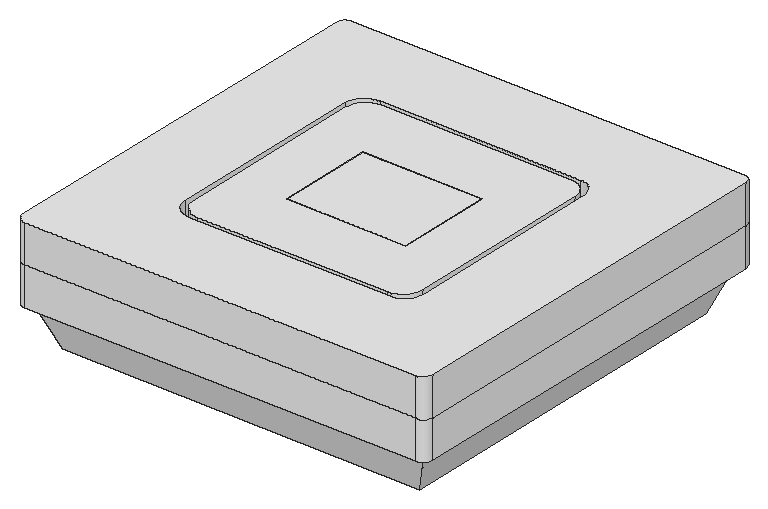
Revit family "1ICON2_RT_24V_On-wall_86x86_RFA", category Data Devices, host Face, Revit 2019
Family settings
  Host = Face
  Maintain Annotation Orientation = Yes
  Round Connector Dimension = Use Diameter
  Part Type = Normal
  Cut with Voids When Loaded = No
  Shared = No
  Room Calculation Point = No
Parameters (values of type "Icon2_RT_24V_On-wall_86x86_088U2128")
  dY2D [instance] = 0 mm
  dX2D [instance] = 0 mm
  ang2D_Vert [instance] = 0.00°
  ang2D_Hori [instance] = 0.00°
  ang2D [instance] = 0.00°
  ZS = 20 mm
  Z2 = 23.5 mm
  Z1 = 25 mm
  XS = 25 mm
  X1 = 25.5 mm
  WW = 24 mm
  WB = 9 mm
  W2D = 0 mm
  W1__ve = -W1  # -8 mm
  W1 = 8 mm
  W = 25 mm
  Voltage = 24 V  # constant formula
  URL = "https://store.danfoss.com/en/Climate-Solutions-for-heating/Hydronic-floor-heating/Room-controls/c/4212?q=%3Arelevance%3Adanfoss_producttypehierarchydesc%3Af86fb3bbf8c2fa3cc6c9611432fd56a19a22df68%3Adanfoss_a2465409485%3ATA9_2488487&text="
  SketchPlaneIDs = "10482;153b746f-b00a-47b6-946a-48530699bbd5-000028f2"
  RN1 = 4 mm
  RN = 2 mm
  Power Supply = "24 VDC"  # constant formula
  Power Consumption = "0.2 W"  # constant formula
  Power = 0.2 VA  # constant formula
  Model Type = "Icon2_RT_24V_On-wall_86x86"
  Model = "088U2128"
  Manufacturer = "Danfoss"  # constant formula
  LOD 350 = not(LOD 200)  # yes
  LOD 200 = no
  LL = 82 mm
  L2D = 0 mm
  L2 = 43 mm
  L = 86 mm
  KR3 = 10.7 mm
  KR2 = 12.7 mm
  KR1 = 14.7 mm
  KR = 15 mm
  IfcExportType = "ICON2_RT_24V"  # constant formula
  IfcExportAs = "IfcElectricApplianceType"  # constant formula
  IP Rating = "IP 21"  # constant formula
  HH = 82 mm
  H2 = 43 mm
  H = 86 mm
  Description = "Main Controller and Room Thermostat"  # constant formula
  Default Elevation = 0 mm
  Body Material = Danfoss Plastic White
  BP = 75 mm
Reference planes
  plane 1 "Center (Front/Back)": y = 0
  plane 2 "XYPLANE": z = 0
  plane 3 "Center (Left/Right)": x = 0
  plane 4 "79": z = 8
  plane 5 "27": z = -1
  plane 6 "26": z = 16
  plane 7 "22": x = -24
  plane 8 "21": x = 24
  plane 9 "20": y = -24
  plane 10 "19": y = 24
  plane 11 "17": x = -25
  plane 12 "16": x = 25
  plane 13 "15": y = -25
  plane 14 "14": y = 25
  plane 15 "11": x = 43
  plane 16 "10": x = -43
  plane 17 "9": y = -43
  plane 18 "8": y = 43
  plane 19 "7": z = 24
  plane 20 "5": z = 0
  plane 21 "4": x = 0
  plane 22 "3": y = 0
Forms (mm)
  Extrusion 1, solid, material "Danfoss Plastic White" <- "Body Material", visible <- "LOD 350", detail levels fine
    sketch origin (-750, 0, 24) x (1, 0, 0) y (0, 1, 0)
      loop
        line (737.5, 10) -> (737.5, -10) -> (762.5, -10) -> (762.5, 10) -> (737.5, 10)
    from 0 to -2
  Blend 2, solid, material "Danfoss Plastic White" <- "Body Material", visible <- "LOD 350", detail levels fine
    base sketch origin (-750, 0, 8) x (1, 0, 0) y (0, 1, 0)
      loop
        line (709, -41) -> (791, -41) -> (791, 41) -> (709, 41) -> (709, -41)
    top sketch origin (-750, 0, 8) x (1, 0, 0) y (0, 1, 0)
      loop
        line (712.5, -37.5) -> (787.5, -37.5) -> (787.5, 37.5) -> (712.5, 37.5) -> (712.5, -37.5)
    from 0 to -9
  Extrusion 3, solid, material "Danfoss Plastic White" <- "Body Material", visible <- "LOD 350", detail levels fine
    sketch origin (-750, 0, 16) x (1, 0, 0) y (0, 1, 0)
      loop
        arc (791, -43) -> (792.414, -42.414) -> (793, -41) r 2
        line (793, -41) -> (793, 41)
        arc (793, 41) -> (792.414, 42.414) -> (791, 43) r 2
        line (791, 43) -> (709, 43)
        arc (709, 43) -> (707.586, 42.414) -> (707, 41) r 2
        line (707, 41) -> (707, -41)
        arc (707, -41) -> (707.586, -42.414) -> (709, -43) r 2
        line (709, -43) -> (791, -43)
    from 0 to -8 <- "W1__ve"
  Extrusion 4, solid, material "Danfoss Plastic White" <- "Body Material", visible <- "LOD 350", detail levels fine
    sketch origin (-750, 0, 24) x (1, 0, 0) y (0, 1, 0)
      loop
        arc (770, -24) -> (772.828, -22.828) -> (774, -20) r 4
        line (774, -20) -> (774, 20)
        arc (774, 20) -> (772.828, 22.828) -> (770, 24) r 4
        line (770, 24) -> (730, 24)
        arc (730, 24) -> (727.172, 22.828) -> (726, 20) r 4
        line (726, 20) -> (726, -20)
        arc (726, -20) -> (727.172, -22.828) -> (730, -24) r 4
        line (730, -24) -> (770, -24)
      loop
        line (737.5, 10) -> (737.5, -10) -> (762.5, -10) -> (762.5, 10) -> (737.5, 10)
    from 0 to -2
  Extrusion 5, solid, material "Danfoss Plastic White" <- "Body Material", visible <- "LOD 350", detail levels fine
    sketch origin (-750, 0, 24) x (1, 0, 0) y (0, 1, 0)
      loop
        arc (791, -43) -> (792.414, -42.414) -> (793, -41) r 2
        line (793, -41) -> (793, 41)
        arc (793, 41) -> (792.414, 42.414) -> (791, 43) r 2
        line (791, 43) -> (709, 43)
        arc (709, 43) -> (707.586, 42.414) -> (707, 41) r 2
        line (707, 41) -> (707, -41)
        arc (707, -41) -> (707.586, -42.414) -> (709, -43) r 2
        line (709, -43) -> (791, -43)
      loop
        arc (771, -25) -> (773.828, -23.828) -> (775, -21) r 4
        line (775, -21) -> (775, 21)
        arc (775, 21) -> (773.828, 23.828) -> (771, 25) r 4
        line (771, 25) -> (729, 25)
        arc (729, 25) -> (726.172, 23.828) -> (725, 21) r 4
        line (725, 21) -> (725, -21)
        arc (725, -21) -> (726.172, -23.828) -> (729, -25) r 4
        line (729, -25) -> (771, -25)
    from 0 to -8 <- "W1__ve"
  Extrusion 6, solid, not visible
    sketch origin (-750, 0, 0) x (1, 0, 0) y (0, 1, 0)
      loop
        circle (750, 0) r 10
    from 0 to 10
  Extrusion 7, solid, material "Danfoss Plastic White" <- "Body Material", visible <- "LOD 200", detail levels fine
    sketch origin (-750, 0, 24) x (1, 0, 0) y (0, 1, 0)
      loop
        line (707, 43) -> (707, -43) -> (793, -43) -> (793, 43) -> (707, 43)
    from 0 to -16
  Extrusion 8, solid, material "Danfoss Plastic White" <- "Body Material", visible <- "LOD 200", detail levels fine
    sketch origin (-750, 0, 8) x (1, 0, 0) y (0, 1, 0)
      loop
        line (712.5, -37.5) -> (787.5, -37.5) -> (787.5, 37.5) -> (712.5, 37.5) -> (712.5, -37.5)
    from 0 to -9
  Extrusion 9, solid, material "Danfoss Plastic White" <- "Body Material", detail levels coarse+medium
    sketch origin (0, 0, -1) x (1, 0, 0) y (0, 1, 0)
      loop
        line (-43, 43) -> (-43, -43) -> (43, -43) -> (43, 43) -> (-43, 43)
    from 0 to 25
Lines and regions (mm)
  reference lines
    curve 1: line (0, 0, 0) -> (1120, 0, 0)
    curve 2: line (0, 0, 0) -> (0, -800, 0)
    curve 3: line (0, 0, 0) -> (0, -1015.215, 0)
    curve 4: circle (0, 0, 24) r 1 normal (0, 0, -1)
    curve 5: circle (0, 0, 8) r 1 normal (0, 0, 1)
    curve 6: circle (0, 0, 8) r 1 normal (0, 0, 1)
    curve 7: circle (0, 0, 24) r 1 normal (0, 0, -1)
Dimensions and locks
  "W1": plane 6 "26" to plane 4 "79"
  "WB": plane 4 "79" to plane 5 "27"
  "W1": plane 19 "7" to plane 6 "26"
  locked: plane 11 "17" to plane 7 "22" at 1
  locked: plane 12 "16" to plane 8 "21" at 1
  locked: plane 13 "15" to plane 9 "20" at 1
  locked: plane 14 "14" to plane 10 "19" at 1
  "Z1": plane 3 "Center (Left/Right)" to plane 11 "17"
  "Z1": plane 3 "Center (Left/Right)" to plane 12 "16"
  "Z1": plane 1 "Center (Front/Back)" to plane 13 "15"
  "Z1": plane 1 "Center (Front/Back)" to plane 14 "14"
  "L2": plane 3 "Center (Left/Right)" to plane 15 "11"
  "L2": plane 3 "Center (Left/Right)" to plane 16 "10"
  "H2": plane 1 "Center (Front/Back)" to plane 17 "9"
  "H2": plane 1 "Center (Front/Back)" to plane 18 "8"
  "WW": plane 2 "XYPLANE" to plane 19 "7"
  locked: plane 2 "XYPLANE" to plane 20 "5" at 0
  locked: plane 3 "Center (Left/Right)" to plane 21 "4"
  locked: plane 1 "Center (Front/Back)" to plane 22 "3"
  equal spacing: Extrusion 1 sketch curve, curve 4, Extrusion 1 sketch curve  (x2)
  "ZS": Extrusion 1 sketch curve to Extrusion 1 sketch curve
  "XS": Extrusion 1 sketch curve to Extrusion 1 sketch curve
  Extrusion 1 sketch curve to Extrusion 1 sketch curve = 0 mm  (x8)
  equal spacing: Blend 2 sketch curve, curve 5, Blend 2 sketch curve  (x2)
  "BP": Blend 2 sketch curve to Blend 2 sketch curve  (x2)
  Blend 2 sketch curve to Blend 2 sketch curve = 0 mm  (x16)
  equal spacing: Blend 2 sketch curve, curve 6, Blend 2 sketch curve  (x2)
  "HH": Blend 2 sketch curve to Blend 2 sketch curve
  "LL": Blend 2 sketch curve to Blend 2 sketch curve
  Extrusion 3 sketch curve to Extrusion 3 sketch curve = 0 mm  (x16)
  equal spacing: Extrusion 4 sketch curve, curve 7, Extrusion 4 sketch curve  (x2)
  "ZS": Extrusion 4 sketch curve to Extrusion 4 sketch curve
  "XS": Extrusion 4 sketch curve to Extrusion 4 sketch curve
  Extrusion 4 sketch curve to Extrusion 4 sketch curve = 0 mm  (x24)
  Extrusion 5 sketch curve to Extrusion 5 sketch curve = 0 mm  (x32)
  plane 18 "8" to plane 17 "9" = 86 mm
  plane 16 "10" to plane 15 "11" = 86 mm
  "RN": radius of Extrusion 3 sketch curve  (x4)
  "RN1": radius of Extrusion 4 sketch curve  (x4)
  "RN": radius of Extrusion 5 sketch curve  (x4)
  "RN1": radius of Extrusion 5 sketch curve  (x4)
  "ang2D_Hori": angle plane 1 "Center (Front/Back)" to curve 1
  locked: curve 2 to curve 1 (angle 90.00°)
  "ang2D_Vert": angle curve 2 to curve 3
  aligned and locked: plane 2 "XYPLANE" to host face
  aligned and locked: level to host face
  aligned and locked: plane 1 "Center (Front/Back)" to curve 1
  aligned and locked: plane 3 "Center (Left/Right)" to curve 1
  aligned and locked: plane 21 "4" to curve 4
  aligned and locked: plane 22 "3" to curve 4
  aligned and locked: plane 21 "4" to curve 5
  aligned and locked: plane 22 "3" to curve 5
  aligned and locked: plane 21 "4" to curve 6
  aligned and locked: plane 22 "3" to curve 6
  aligned and locked: Blend 2 to plane 5 "27"
  aligned and locked: plane 15 "11" to Extrusion 3 sketch curve
  aligned and locked: plane 18 "8" to Extrusion 3 sketch curve
  aligned and locked: Extrusion 3 sketch curve to plane 16 "10"
  aligned and locked: Extrusion 3 sketch curve to plane 17 "9"
  aligned and locked: plane 8 "21" to Extrusion 4 sketch curve
  aligned and locked: plane 10 "19" to Extrusion 4 sketch curve
  aligned and locked: Extrusion 4 sketch curve to plane 7 "22"
  aligned and locked: Extrusion 4 sketch curve to plane 9 "20"
  aligned and locked: plane 21 "4" to curve 7
  aligned and locked: plane 22 "3" to curve 7
  aligned and locked: plane 15 "11" to Extrusion 5 sketch curve
  aligned and locked: plane 18 "8" to Extrusion 5 sketch curve
  aligned and locked: Extrusion 5 sketch curve to plane 16 "10"
  aligned and locked: Extrusion 5 sketch curve to plane 17 "9"
  aligned and locked: plane 12 "16" to Extrusion 5 sketch curve
  aligned and locked: plane 14 "14" to Extrusion 5 sketch curve
  aligned and locked: Extrusion 5 sketch curve to plane 11 "17"
  aligned and locked: Extrusion 5 sketch curve to plane 13 "15"
  aligned and locked: plane 21 "4" to Extrusion 6 sketch curve
  aligned and locked: plane 22 "3" to Extrusion 6 sketch curve
  aligned and locked: plane 18 "8" to Extrusion 7 sketch curve
  aligned and locked: plane 17 "9" to Extrusion 7 sketch curve
  aligned and locked: plane 16 "10" to Extrusion 7 sketch curve
  aligned and locked: plane 15 "11" to Extrusion 7 sketch curve
  aligned and locked: Extrusion 8 sketch curve to Blend 2  (x4)
  aligned and locked: Extrusion 9 sketch curve to plane 18 "8"
  aligned and locked: Extrusion 9 sketch curve to plane 17 "9"
  aligned and locked: Extrusion 9 sketch curve to plane 15 "11"
  aligned and locked: Extrusion 9 sketch curve to plane 16 "10"
Automatic sketch dimensions
  host sketch curve to host sketch curve = 2438.4 mm  (x2)
  Extrusion 6 sketch curve to Extrusion 6 sketch curve = 10 mm
  curve 3 to curve 2 = 0 mm  (x2)
  plane 7 "22" to Extrusion 1 sketch curve = 11.5 mm
  plane 1 "Center (Front/Back)" to Extrusion 1 sketch curve = 10 mm
  plane 16 "10" to Blend 2 sketch curve = 2 mm
  plane 17 "9" to Blend 2 sketch curve = 2 mm
  plane 16 "10" to Blend 2 sketch curve = 5.5 mm
  plane 17 "9" to Blend 2 sketch curve = 5.5 mm
  plane 7 "22" to Extrusion 4 sketch curve = 11.5 mm
  plane 1 "Center (Front/Back)" to Extrusion 4 sketch curve = 10 mm
  radius of curve 4 = 1 mm
  radius of curve 5 = 1 mm
  radius of curve 6 = 1 mm
  radius of curve 7 = 1 mm
Connectors
  electrical at (0, 0, 0), driven by "Voltage", driven by "Power"
    settings: on Extrusion 6, index 1, voltage 24 V, apparent load 0.2 VA, apparent load phase1 0 VA, apparent load phase2 0 VA, apparent load phase3 0 VA, power factor 1, load classification "HVAC", number of poles 1, system type 30, power factor state 0, is connector primary yes, connector utility no, sub classification motor no, connector description ""
